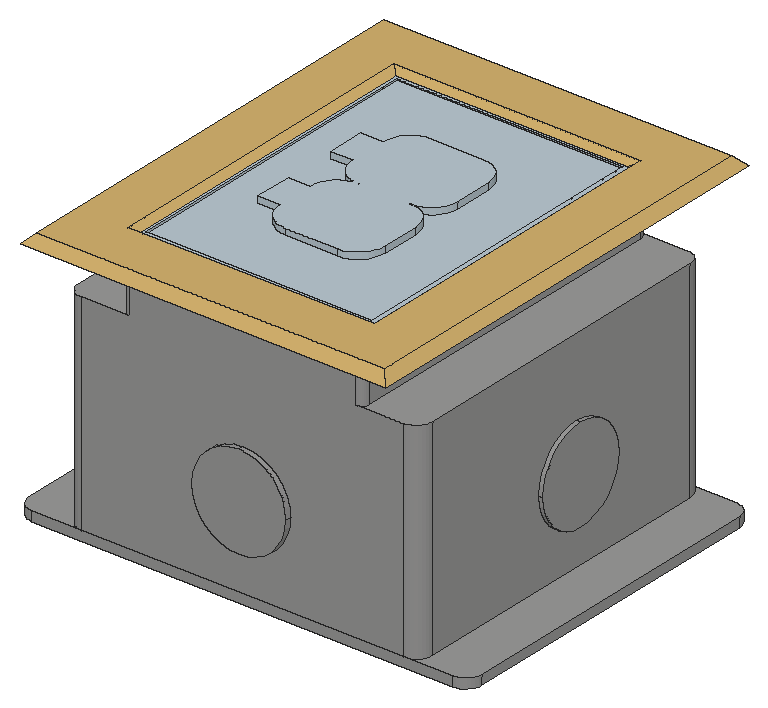
Revit family "Electrical_Equipment-Floor_Box-Hubbell_Wiring-1_Gang-Rectangular_Stamped_Steel-B2431", category Electrical Fixtures, host Face, Revit 2015
Parameters (values of type "BA2431 - 1 Gang - Aluminum Collar")
  Unit Height [instance] = 0' - 3 23/32"  # constant formula
  URL = "http://www.hubbell-wiring.com/"
  Product data url = "https://bimobject.com/hubbellwiring/product/systemone-b2431"
  Product Page URL = "http://ecatalog.hubbell-wiring.com/productinformation/viewcatalog.aspx?Dest=hubbell-wiring.com/press/catalog/L.pdf&Page=4"
  Product Documentation Link = "http://ecatalog.hubbell-wiring.com/press/catalog/L-13.pdf"
  Model = "BA2431"
  Manufacturer = "Hubbell-Wiring"  # constant formula
  Floor Box Type = Stamped Steel Concrete Floor Box : BA2431 - Deep Concrete Floor Box
  Description = "Flush Rectangular Stamped Steel Concrete Floor Box"  # constant formula
  Default Elevation = 0' - 0"
  Cover Type [instance] = Covers : SA3825 - Duplex Flap - Aluminum
  Cover Accessory Type [instance] = Carpet Flange : SA3083 - Carpet Flange - Aluminum
  Construction Note [instance] = "Match Collar Material to Cover"  # constant formula
  Conduit Connector_6 Description = "Conduit 1.25in, 1.0in or 0.75in. Connection"
  Conduit Connector_5 Description = "Conduit 1.25in, 1.0in or 0.75in. Connection"
  Conduit Connector_4 Description = "Conduit 1.25in, 1.0in or 0.75in. Connection"
  Conduit Connector_3 Description = "Conduit 1.25in, 1.0in or 0.75in. Connection"
  Conduit Connector_2 Description = "Conduit 1.25in, 1.0in or 0.75in. Connection"
  Conduit Connector_1 Description = "Conduit 1.25in, 1.0in or 0.75in. Connection"
  Conduit Connector 1 Radius = 0' - 0 5/8"
  Collar Material = Metal-Hubbell-Aluminum
  Box Material = Metal-Hubbell-Stamped Steel
  Assembly Code = "D5020115"
Types (2): name | Model | Floor Box Type | Cover Type | Cover Accessory Type | Collar Material
  B2431 - 1 Gang - Brass Collar | "B2431" | Stamped Steel Concrete Floor Box : B2431 - Deep Concrete Floor Box | Covers : S3825 - Duplex Flap - Brass | Carpet Flange : SB3083 - Carpet Flange - Brass | Metal-Hubbell-Brass
  BA2431 - 1 Gang - Aluminum Collar | "BA2431" | Stamped Steel Concrete Floor Box : BA2431 - Deep Concrete Floor Box | Covers : SA3825 - Duplex Flap - Aluminum | Carpet Flange : SA3083 - Carpet Flange - Aluminum | Metal-Hubbell-Aluminum
Reference planes (in)
  plane 1 "Center (Front/Back)": y = 0
  plane 2: z = 0
  plane 3 "Center (Left/Right)": x = 0
  plane 4: y = -2.078
  plane 5: y = 2.078
  plane 6: x = -1.4965
  plane 7: x = 1.4965
Forms (in)
  Extrusion 1, void, detail levels fine
    sketch origin (0, 0, 0) x (1, 0, 0) y (0, 1, 0)
      loop
        line (-1.4965, 2.078) -> (-1.4965, -2.078) -> (1.4965, -2.078) -> (1.4965, 2.078) -> (-1.4965, 2.078)
    from 0 to -3.71875
Lines and regions (in)
  symbolic lines
    curve 1: line (-2.42578, -3, 0) -> (2.42578, -3, 0)
    curve 2: line (-2.42578, 3, 0) -> (-2.42578, -3, 0)
    curve 3: line (2.42578, 3, 0) -> (-2.42578, 3, 0)
    curve 4: line (2.42578, -3, 0) -> (2.42578, 3, 0)
Dimensions and locks (in)
  locked: host face to nested 3 at 0.04297
  locked: host face to nested 1 at 0.16916
  plane 5 to plane 1 "Center (Front/Back)" to plane 4 = 0' - 2.078" locked, 0' - 2.078" locked
  plane 6 to plane 3 "Center (Left/Right)" to plane 7 = 0' - 1.4965" locked, 0' - 1.4965" locked
  Extrusion 1 to plane 3 "Center (Left/Right)" = 0' - 1.4965"
  aligned and locked: plane 2 to host face
  aligned and locked: level to host face
  aligned: level to Extrusion 1
  aligned and locked: plane 1 "Center (Front/Back)" to nested 1
  aligned: plane 2 to nested 1  (x4)
  aligned: Extrusion 1 to nested 1  (x7)
  aligned and locked: plane 1 "Center (Front/Back)" to nested 2
  aligned and locked: plane 3 "Center (Left/Right)" to nested 2
  aligned and locked: plane 3 "Center (Left/Right)" to nested 1
  aligned: nested 2 to plane 2  (x2)
  aligned: nested 2 to Extrusion 1
  aligned: nested 1 to Extrusion 1  (x2)
  aligned: Extrusion 1 to nested 2
  aligned and locked: nested 2 to plane 2
  aligned and locked: host face to Extrusion 1
  aligned and locked: plane 3 "Center (Left/Right)" to nested 3
  aligned and locked: plane 1 "Center (Front/Back)" to nested 3
  aligned and locked: Extrusion 1 to plane 5
  aligned and locked: Extrusion 1 to plane 4
  aligned and locked: plane 6 to Extrusion 1
  aligned and locked: plane 7 to Extrusion 1
  aligned and locked: nested 1 to Extrusion 1
  aligned and locked: curve 1 to nested 2
  aligned and locked: curve 2 to nested 2
  aligned and locked: curve 3 to nested 2
  aligned and locked: curve 4 to nested 2
Nested families (in)
  nested 1: "Stamped Steel Concrete Floor Box" at (0, 0, 0), Unit Height <- "Unit Height", type "B2431 - Deep Concrete Floor Box"
    with Unit Height 0' - 3 23/32"
  nested 2: "Carpet Flange" at (0, 0, 0), type <- "Cover Accessory Type", type "SA3083 - Carpet Flange - Aluminum"
  nested 3: "Covers" at (0, 0, -0.04297), type <- "Cover Type", type "SA3825 - Duplex Flap - Aluminum"
Connectors (in)
  cabletrayconduit at (0, -2.4075, -2.46875), diameter 1.25, driven by "Conduit Connector 1 Radius", driven by "Conduit Connector_1 Description"
    settings: on nested 1, index 1, connector width 1' - 0", connector height 1' - 0", connector angle 0.00°, system type 32, placement type 0, profile type 0, connector reference index -1, is primary connector yes, connector utility param no, connector description "Conduit 1.25in, 1.0in or 0.75in. Connection"
  cabletrayconduit at (2.40556, 0.25, -2.46875), diameter 1.25, driven by "Conduit Connector 1 Radius", driven by "Conduit Connector_2 Description"
    settings: on nested 1, index 2, connector width 1' - 0", connector height 1' - 0", connector angle 0.00°, system type 32, placement type 0, profile type 0, connector reference index -1, is primary connector no, connector utility param no, connector description "Conduit 1.25in, 1.0in or 0.75in. Connection"
  cabletrayconduit at (0, 2.4075, -2.46875), diameter 1.25, driven by "Conduit Connector 1 Radius", driven by "Conduit Connector_3 Description"
    settings: on nested 1, index 3, connector width 1' - 0", connector height 1' - 0", connector angle 0.00°, system type 32, placement type 0, profile type 0, connector reference index -1, is primary connector no, connector utility param no, connector description "Conduit 1.25in, 1.0in or 0.75in. Connection"
  cabletrayconduit at (-2.40944, 0, -2.46875), diameter 1.25, driven by "Conduit Connector 1 Radius", driven by "Conduit Connector_4 Description"
    settings: on nested 1, index 4, connector width 1' - 0", connector height 1' - 0", connector angle 0.00°, system type 32, placement type 0, profile type 0, connector reference index -1, is primary connector no, connector utility param no, connector description "Conduit 1.25in, 1.0in or 0.75in. Connection"
  cabletrayconduit at (-1.30931, 0, -3.78125), diameter 1.25, driven by "Conduit Connector 1 Radius"
    settings: on nested 1, index 5, connector width 1' - 0", connector height 1' - 0", connector angle 0.00°, system type 32, placement type 0, profile type 0, connector reference index -1, is primary connector no, connector utility param no, connector description ""
  cabletrayconduit at (1.30931, 0, -3.78125), diameter 1.25, driven by "Conduit Connector 1 Radius"
    settings: on nested 1, index 6, connector width 1' - 0", connector height 1' - 0", connector angle 0.00°, system type 32, placement type 0, profile type 0, connector reference index -1, is primary connector no, connector utility param no, connector description ""
Definition of nested family "Stamped Steel Concrete Floor Box"
  Parameters
    Unit Height [instance] = 0' - 3 23/32"  # constant formula
    Cover Material = none
    Conduit Connector Offset = 0' - 1 1/4"  # constant formula
    Conduit Connector 1 Radius = 0' - 0 5/8"
    Can Material = none
    Assembly Code = ""
  Reference planes (in)
    plane 1 "Center (Front/Back)": y = 0
    plane 2: z = 0
    plane 3 "Center (Left/Right)": x = 0
    plane 4: z = -3.71875
    plane 5: z = -2.46875
    plane 6: z = -0.82416
    plane 7: z = -3.59375
  Forms (in)
    Extrusion 1, solid, material <- "Can Material"
      sketch origin (0, 0, 0) x (1, 0, 0) y (0, 0, -1)
        loop
          arc (-0.625, 2.46875) -> (-0.44194, 2.02681) -> (0, 1.84375) r 0.625
          arc (0, 1.84375) -> (0.44194, 2.02681) -> (0.625, 2.46875) r 0.625
          arc (0.625, 2.46875) -> (0.44194, 2.91069) -> (0, 3.09375) r 0.625
          arc (0, 3.09375) -> (-0.44194, 2.91069) -> (-0.625, 2.46875) r 0.625
      from -2.13518 to -2.4075
    Extrusion 2, solid, material <- "Can Material"
      sketch origin (0, 0, 0) x (1, 0, 0) y (0, 0, 1)
        loop
          arc (-0.625, -2.46875) -> (-0.44194, -2.91069) -> (0, -3.09375) r 0.625
          arc (0, -3.09375) -> (0.44194, -2.91069) -> (0.625, -2.46875) r 0.625
          arc (0.625, -2.46875) -> (0.44194, -2.02681) -> (0, -1.84375) r 0.625
          arc (0, -1.84375) -> (-0.44194, -2.02681) -> (-0.625, -2.46875) r 0.625
      from -2.345 to -2.4075
    Extrusion 3, solid, material <- "Can Material"
      sketch origin (0.07413, 0, 0) x (0, 1, 0) y (0, 0, -1)
        loop
          arc (-0.375, 2.46875) -> (-0.19194, 2.02681) -> (0.25, 1.84375) r 0.625
          arc (0.25, 1.84375) -> (0.69194, 2.02681) -> (0.875, 2.46875) r 0.625
          arc (0.875, 2.46875) -> (0.69194, 2.91069) -> (0.25, 3.09375) r 0.625
          arc (0.25, 3.09375) -> (-0.19194, 2.91069) -> (-0.375, 2.46875) r 0.625
      from -2.26893 to -2.33143
    Extrusion 4, solid, material <- "Can Material"
      sketch origin (0, 0, 0) x (0, 1, 0) y (0, 0, 1)
        loop
          arc (-0.625, -2.46875) -> (-0.44194, -2.91069) -> (0, -3.09375) r 0.625
          arc (0, -3.09375) -> (0.44194, -2.91069) -> (0.625, -2.46875) r 0.625
          arc (0.625, -2.46875) -> (0.44194, -2.02681) -> (0, -1.84375) r 0.625
          arc (0, -1.84375) -> (-0.44194, -2.02681) -> (-0.625, -2.46875) r 0.625
      from -2.34694 to -2.40944
    Extrusion 5, solid, material <- "Cover Material"
      sketch origin (0, 0, 0.22509) x (1, 0, 0) y (0, 1, 0)
        loop
          line (-1.4965, 2.078) -> (-1.4965, -2.078) -> (1.4965, -2.078) -> (1.4965, 2.078) -> (-1.4965, 2.078)
        loop
          arc (-1.49742, 2.345) -> (-1.57311, 2.31365) -> (-1.60446, 2.23796) r 0.10704
          line (-1.60446, 2.23796) -> (-1.60446, -2.23167)
          arc (-1.60446, -2.23167) -> (-1.57315, -2.30726) -> (-1.49756, -2.33857) r 0.1069
          line (-1.49756, -2.33857) -> (1.49823, -2.33857)
          arc (1.49823, -2.33857) -> (1.56869, -2.30939) -> (1.59787, -2.23893) r 0.09964
          line (1.59787, -2.23893) -> (1.59787, 2.24543)
          arc (1.59787, 2.24543) -> (1.56871, 2.31584) -> (1.4983, 2.345) r 0.09957
          line (1.4983, 2.345) -> (-1.49742, 2.345)
      from -0.39425 to -0.22509
    Extrusion 6, solid, material <- "Can Material"
      sketch origin (0.92025, 0.30752, 7.9375) x (1, 0, 0) y (0, 1, 0)
        loop
          arc (-3.05737, 2.03748) -> (-3.20573, 1.97602) -> (-3.26719, 1.82766) r 0.20982
          line (-3.26719, 1.82766) -> (-3.26719, -2.43885)
          arc (-3.26719, -2.43885) -> (-3.20649, -2.5854) -> (-3.05994, -2.6461) r 0.20725
          line (-3.05994, -2.6461) -> (1.20405, -2.6461)
          arc (1.20405, -2.6461) -> (1.35706, -2.58272) -> (1.42044, -2.42971) r 0.21639
          line (1.42044, -2.42971) -> (1.42044, 1.83391)
          arc (1.42044, 1.83391) -> (1.36082, 1.97785) -> (1.21687, 2.03748) r 0.20357
          line (1.21687, 2.03748) -> (-3.05737, 2.03748)
      from -11.53125 to -8.76166
    Extrusion 7, solid, material <- "Can Material"
      sketch origin (0, 0, 7.9375) x (1, 0, 0) y (0, 1, 0)
        loop
          line (-1.4965, 2.078) -> (-1.4965, -2.078) -> (1.4965, -2.078) -> (1.4965, 2.078) -> (-1.4965, 2.078)
        loop
          line (-1.60446, 2.23796) -> (-1.60446, -2.23167)
          arc (-1.60446, -2.23167) -> (-1.57315, -2.30726) -> (-1.49756, -2.33857) r 0.1069
          line (-1.49756, -2.33857) -> (1.49823, -2.33857)
          arc (1.49823, -2.33857) -> (1.56869, -2.30939) -> (1.59787, -2.23893) r 0.09964
          line (1.59787, -2.23893) -> (1.59787, 2.24543)
          arc (1.59787, 2.24543) -> (1.56871, 2.31584) -> (1.4983, 2.345) r 0.09957
          line (1.4983, 2.345) -> (-1.49742, 2.345)
          arc (-1.49742, 2.345) -> (-1.57311, 2.31365) -> (-1.60446, 2.23796) r 0.10704
      from -8.76166 to -8.10666
    Extrusion 8, solid, material <- "Cover Material"
      sketch origin (0, 0, 0) x (1, 0, 0) y (0, 1, 0)
        loop
          arc (-1.49742, 2.345) -> (-1.57311, 2.31365) -> (-1.60446, 2.23796) r 0.10704
          line (-1.60446, 2.23796) -> (-1.60446, -2.23167)
          arc (-1.60446, -2.23167) -> (-1.57315, -2.30726) -> (-1.49756, -2.33857) r 0.1069
          line (-1.49756, -2.33857) -> (1.49823, -2.33857)
          arc (1.49823, -2.33857) -> (1.56869, -2.30939) -> (1.59787, -2.23893) r 0.09964
          line (1.59787, -2.23893) -> (1.59787, 2.24543)
          arc (1.59787, 2.24543) -> (1.56871, 2.31584) -> (1.4983, 2.345) r 0.09957
          line (1.4983, 2.345) -> (-1.49742, 2.345)
        loop
          line (-1.4965, 2.078) -> (-1.4965, -2.078) -> (1.4965, -2.078) -> (1.4965, 2.078) -> (-1.4965, 2.078)
      from 0 to 0.0625
    Extrusion 9, solid, material <- "Can Material"
      sketch origin (0.92025, 0.30752, 7.9375) x (1, 0, 0) y (0, 1, 0)
        loop
          arc (-3.71356, 2.03748) -> (-3.86192, 1.97602) -> (-3.92337, 1.82766) r 0.20982
          line (-3.92337, 1.82766) -> (-3.92337, -2.43885)
          arc (-3.92337, -2.43885) -> (-3.86267, -2.5854) -> (-3.71613, -2.6461) r 0.20725
          line (-3.71613, -2.6461) -> (1.86024, -2.6461)
          arc (1.86024, -2.6461) -> (2.01325, -2.58272) -> (2.07663, -2.42971) r 0.21639
          line (2.07663, -2.42971) -> (2.07663, 1.83391)
          arc (2.07663, 1.83391) -> (2.017, 1.97785) -> (1.87306, 2.03748) r 0.20357
          line (1.87306, 2.03748) -> (-3.71356, 2.03748)
      from -11.65625 to -11.53125
    Extrusion 10, solid
      sketch origin (-1.30931, 0, 0) x (1, 0, 0) y (0, 1, 0)
        loop
          circle (0, 0) r 0.625
      from -3.71875 to -3.78125
    Extrusion 11, solid
      sketch origin (1.30931, 0, 0) x (-1, 0, 0) y (0, -1, 0)
        loop
          circle (0, 0) r 0.625
      from -3.71875 to -3.78125
  Cuts and joins
    joined: Extrusion 1, Extrusion 2, Extrusion 3, Extrusion 4, Extrusion 6, Extrusion 7
    joined: Extrusion 5, Extrusion 8
  Dimensions and locks (in)
    "Conduit Connector Offset": plane 5 to plane 4
    "Unit Height": level to plane 4
    locked: plane 7 to plane 4 at 0.125
    "Conduit Connector 1 Radius": radius of Extrusion 1 sketch curve
    "Conduit Connector 1 Radius": radius of Extrusion 2 sketch curve
    "Conduit Connector 1 Radius": radius of Extrusion 3 sketch curve
    "Conduit Connector 1 Radius": radius of Extrusion 4 sketch curve
    "Conduit Connector 1 Radius": radius of Extrusion 10 sketch curve
    "Conduit Connector 1 Radius": radius of Extrusion 11 sketch curve
    aligned and locked: plane 2 to level
    aligned: cut or joined group of Extrusion 1, Extrusion 2, Extrusion 3, Extrusion 4, Extrusion 6, Extrusion 7 to cut or joined group of Extrusion 1, Extrusion 2, Extrusion 3, Extrusion 4, Extrusion 6, Extrusion 7  (x4)
    aligned: plane 2 to Extrusion 5
    aligned: Extrusion 6 to cut or joined group of Extrusion 1, Extrusion 2, Extrusion 3, Extrusion 4, Extrusion 6, Extrusion 7
    aligned: plane 4 to Extrusion 6
    aligned and locked: level to Extrusion 5
    aligned: cut or joined group of Extrusion 1, Extrusion 2, Extrusion 3, Extrusion 4, Extrusion 6, Extrusion 7 to plane 4  (x6)
    aligned: cut or joined group of Extrusion 1, Extrusion 2, Extrusion 3, Extrusion 4, Extrusion 6, Extrusion 7 to Extrusion 5
    aligned: plane 5 to Extrusion 6
    aligned: Extrusion 7 to plane 5
    aligned: plane 5 to cut or joined group of Extrusion 1, Extrusion 2, Extrusion 3, Extrusion 4, Extrusion 6, Extrusion 7
    aligned and locked: Extrusion 5 to Extrusion 7
    aligned: Extrusion 7 to plane 6
    aligned: Extrusion 6 to Extrusion 7
    aligned and locked: cut or joined group of Extrusion 1, Extrusion 2, Extrusion 3, Extrusion 4, Extrusion 6, Extrusion 7 to cut or joined group of Extrusion 1, Extrusion 2, Extrusion 3, Extrusion 4, Extrusion 6, Extrusion 7  (x2)
    aligned: plane 1 "Center (Front/Back)" to cut or joined group of Extrusion 1, Extrusion 2, Extrusion 3, Extrusion 4, Extrusion 6, Extrusion 7
    aligned and locked: Extrusion 9 to plane 4
    aligned and locked: plane 7 to Extrusion 9
    aligned and locked: cut or joined group of Extrusion 1, Extrusion 2, Extrusion 3, Extrusion 4, Extrusion 6, Extrusion 7 to plane 7
    aligned and locked: plane 4 to Extrusion 11
    aligned and locked: plane 4 to Extrusion 10
  Automatic sketch dimensions
    Extrusion 1 sketch curve to Extrusion 1 sketch curve = 0' - 0"
    Extrusion 1 sketch curve to plane 5 = 0' - 0"
    Extrusion 1 sketch curve to plane 3 "Center (Left/Right)" = 0' - 0"
    Extrusion 2 sketch curve to Extrusion 2 sketch curve = 0' - 0"
    Extrusion 2 sketch curve to plane 5 = 0' - 0"
    Extrusion 2 sketch curve to plane 3 "Center (Left/Right)" = 0' - 0"
    Extrusion 3 sketch curve to Extrusion 3 sketch curve = 0' - 0"
    Extrusion 3 sketch curve to plane 5 = 0' - 0"
    plane 1 "Center (Front/Back)" to Extrusion 3 sketch curve = 0' - 0 3/8"
    Extrusion 4 sketch curve to Extrusion 4 sketch curve = 0' - 0"
    Extrusion 4 sketch curve to plane 5 = 0' - 0"
    Extrusion 4 sketch curve to plane 1 "Center (Front/Back)" = 0' - 0"
    Extrusion 5 sketch curve to plane 3 "Center (Left/Right)" = 0' - 1.60446"
    Extrusion 5 sketch curve to Extrusion 5 sketch curve = 0' - 0.1069"
    Extrusion 5 sketch curve to Extrusion 5 sketch curve = 0' - 0.10704"
    Extrusion 5 sketch curve to Extrusion 5 sketch curve = 0' - 0.00106"
    plane 3 "Center (Left/Right)" to Extrusion 5 sketch curve = 0' - 1.4965"
    Extrusion 5 sketch curve to Extrusion 5 sketch curve = 0' - 0.00173"
    Extrusion 5 sketch curve to Extrusion 5 sketch curve = 0' - 0.0018"
    Extrusion 5 sketch curve to Extrusion 5 sketch curve = 0' - 0.09964"
    plane 1 "Center (Front/Back)" to Extrusion 5 sketch curve = 0' - 2.33857"
    Extrusion 5 sketch curve to Extrusion 5 sketch curve = 0' - 0.16093"
    Extrusion 5 sketch curve to plane 1 "Center (Front/Back)" = 0' - 2.078"
    Extrusion 5 sketch curve to Extrusion 5 sketch curve = 0' - 0.15996"
    Extrusion 6 sketch curve to plane 3 "Center (Left/Right)" = 0' - 2.34694"
    Extrusion 6 sketch curve to Extrusion 6 sketch curve = 0' - 0.20725"
    Extrusion 6 sketch curve to Extrusion 6 sketch curve = 0' - 0.20982"
    plane 3 "Center (Left/Right)" to Extrusion 6 sketch curve = 0' - 2.1243"
    plane 3 "Center (Left/Right)" to Extrusion 6 sketch curve = 0' - 2.13712"
    Extrusion 6 sketch curve to Extrusion 6 sketch curve = 0' - 0.20357"
    plane 1 "Center (Front/Back)" to Extrusion 6 sketch curve = 0' - 2.33857"
    Extrusion 6 sketch curve to plane 1 "Center (Front/Back)" = 0' - 2.13518"
    Extrusion 7 sketch curve to plane 3 "Center (Left/Right)" = 0' - 1.60446"
    Extrusion 7 sketch curve to Extrusion 7 sketch curve = 0' - 0.1069"
    Extrusion 7 sketch curve to Extrusion 7 sketch curve = 0' - 0.10704"
    Extrusion 7 sketch curve to Extrusion 7 sketch curve = 0' - 0.00106"
    plane 3 "Center (Left/Right)" to Extrusion 7 sketch curve = 0' - 1.4965"
    Extrusion 7 sketch curve to Extrusion 7 sketch curve = 0' - 0.00173"
    Extrusion 7 sketch curve to Extrusion 7 sketch curve = 0' - 0.0018"
    Extrusion 7 sketch curve to Extrusion 7 sketch curve = 0' - 0.09964"
    plane 1 "Center (Front/Back)" to Extrusion 7 sketch curve = 0' - 2.33857"
    Extrusion 7 sketch curve to Extrusion 7 sketch curve = 0' - 0.15367"
    Extrusion 7 sketch curve to plane 1 "Center (Front/Back)" = 0' - 2.078"
    Extrusion 7 sketch curve to Extrusion 7 sketch curve = 0' - 0.15996"
    Extrusion 8 sketch curve to plane 3 "Center (Left/Right)" = 0' - 1.60446"
    Extrusion 8 sketch curve to Extrusion 8 sketch curve = 0' - 0.1069"
    Extrusion 8 sketch curve to Extrusion 8 sketch curve = 0' - 0.10704"
    Extrusion 8 sketch curve to Extrusion 8 sketch curve = 0' - 0.00092"
    plane 3 "Center (Left/Right)" to Extrusion 8 sketch curve = 0' - 1.4965"
    Extrusion 8 sketch curve to Extrusion 8 sketch curve = 0' - 0.00173"
    Extrusion 8 sketch curve to Extrusion 8 sketch curve = 0' - 0.0018"
    Extrusion 8 sketch curve to Extrusion 8 sketch curve = 0' - 0.09957"
    plane 1 "Center (Front/Back)" to Extrusion 8 sketch curve = 0' - 2.33857"
    Extrusion 8 sketch curve to Extrusion 8 sketch curve = 0' - 0.15367"
    Extrusion 8 sketch curve to plane 1 "Center (Front/Back)" = 0' - 2.078"
    Extrusion 8 sketch curve to Extrusion 8 sketch curve = 0' - 0.15996"
    Extrusion 9 sketch curve to plane 3 "Center (Left/Right)" = 0' - 3.00312"
    Extrusion 9 sketch curve to Extrusion 9 sketch curve = 0' - 0.20725"
    Extrusion 9 sketch curve to Extrusion 9 sketch curve = 0' - 0.20982"
    plane 3 "Center (Left/Right)" to Extrusion 9 sketch curve = 0' - 2.78049"
    plane 3 "Center (Left/Right)" to Extrusion 9 sketch curve = 0' - 2.79331"
    Extrusion 9 sketch curve to Extrusion 9 sketch curve = 0' - 0.20357"
    plane 1 "Center (Front/Back)" to Extrusion 9 sketch curve = 0' - 2.33857"
    Extrusion 9 sketch curve to plane 1 "Center (Front/Back)" = 0' - 2.13518"
    plane 1 "Center (Front/Back)" to Extrusion 10 sketch curve = 0' - 0"
    Extrusion 10 sketch curve to plane 3 "Center (Left/Right)" = 0' - 1.30931"
    plane 1 "Center (Front/Back)" to Extrusion 11 sketch curve = 0' - 0"
    plane 3 "Center (Left/Right)" to Extrusion 11 sketch curve = 0' - 1.30931"
Definition of nested family "Carpet Flange"
  Parameters
    Width = 0' - 6"
    Length = 0' - 4 109/128"  # constant formula
    Cover Material = none
    Carpet Flange On = yes
    Assembly Code = ""
  Reference planes (in)
    plane 1 "Center (Front/Back)": y = 0
    plane 2: z = 0
    plane 3 "Center (Left/Right)": x = 0
    plane 4: z = 0.125
  Forms (in)
    Sweep 1, solid, material <- "Cover Material", visible <- "Carpet Flange On"
      path in 3D
        loop
          line (-2.42578, -3, 0) -> (2.42578, -3, 0) -> (2.42578, 3, 0) -> (-2.42578, 3, 0) -> (-2.42578, -3, 0)
      profile origin (-2.42578, 0, 0) x (1, 0, 0) y (0, 0, 1)
        loop
          line (0, 0) -> (0.91498, 0) -> (0.91498, 0.03877) -> (0.79, 0.125) -> (0.125, 0.125) -> (0, 0)
  Lines and regions (in)
    Masking region 1
      outline origin (3.27995, 0.00006, 0) x (1, 0, 0) y (0, 1, 0)
        loop
          line (-5.70573, 3.00006) -> (-5.70573, -3.00006) -> (-0.85417, -3.00006) -> (-0.85417, 3.00006) -> (-5.70573, 3.00006)
    reference lines
      curve 1: line (-2.42578, 3, 0) -> (-2.42578, -3, 0)
      curve 2: line (-2.42578, -3, 0) -> (2.42578, -3, 0)
      curve 3: line (2.42578, -3, 0) -> (2.42578, 3, 0)
      curve 4: line (2.42578, 3, 0) -> (-2.42578, 3, 0)
    sketch lines
      curve 5: line (-2.42578, 3, 0) -> (-2.42578, -3, 0)
      curve 6: line (2.42578, 3, 0) -> (-2.42578, 3, 0)
      curve 7: line (2.42578, -3, 0) -> (2.42578, 3, 0)
      curve 8: line (-2.42578, -3, 0) -> (2.42578, -3, 0)
  Dimensions and locks (in)
    "Length": curve 1 to curve 3
    equal spacing: curve 1, plane 3 "Center (Left/Right)", curve 3
    aligned and locked: plane 2 to level
    aligned and locked: curve 7 to curve 3
    aligned and locked: Masking region 1 to curve 3
    aligned and locked: Masking region 1 to curve 1
    aligned and locked: curve 5 to curve 1
  Automatic sketch dimensions
    plane 1 "Center (Front/Back)" to curve 1 = 0' - 3"
    curve 3 to plane 1 "Center (Front/Back)" = 0' - 3"
    Masking region 1 sketch curve to plane 3 "Center (Left/Right)" = 0' - 2 109/256"
    plane 3 "Center (Left/Right)" to Masking region 1 sketch curve = 0' - 2 109/256"
    plane 1 "Center (Front/Back)" to Masking region 1 sketch curve = 0' - 3"
    Masking region 1 sketch curve to plane 1 "Center (Front/Back)" = 0' - 3.00011"
    profile plane to Sweep 1 sketch curve = 0' - 0"  (x2)
    Sweep 1 sketch curve to plane 4 = 0' - 0"
    Sweep 1 sketch curve to profile plane = 0' - 0"  (x2)
    Sweep 1 sketch curve to profile plane = 0' - 0 1/8"
    Sweep 1 sketch curve to Sweep 1 sketch curve = 0' - 0.665"
    Sweep 1 sketch curve to Sweep 1 sketch curve = 0' - 0 1/8"
    profile plane to Sweep 1 sketch curve = 0' - 0.03877"
Definition of nested family "Covers"
  Parameters
    Style Line Flap = no
    Duplex Screw = no
    Duplex Flap = yes
    Cover Material = none
    Combination Flap = no
    Box = yes
    Assembly Code = ""
  Reference planes (in)
    plane 1 "Center (Front/Back)": y = 0
    plane 2: z = 0
    plane 3 "Center (Left/Right)": x = 0
  Forms (in)
    Extrusion 1, solid, material <- "Cover Material", visible <- "Duplex Flap", detail levels medium+fine
      sketch origin (0, 0, -0.03016) x (1, 0, 0) y (0, 1, 0)
        loop
          arc (-0.34332, 1.20711) -> (-0.59332, 1.10355) -> (-0.69687, 0.85355) r 0.35355
          line (-0.69687, 0.85355) -> (-0.98976, 0.85355) -> (-0.98976, 0.35355) -> (-0.69687, 0.35355)
          arc (-0.69687, 0.35355) -> (-0.59332, 0.10355) -> (-0.34332, 0) r 0.35355
          arc (-0.34332, 0) -> (-0.59332, -0.10355) -> (-0.69687, -0.35355) r 0.35355
          line (-0.69687, -0.35355) -> (-0.98976, -0.35355) -> (-0.98976, -0.85355) -> (-0.69687, -0.85355)
          arc (-0.69687, -0.85355) -> (-0.59332, -1.10355) -> (-0.34332, -1.20711) r 0.35355
          line (-0.34332, -1.20711) -> (0.34332, -1.20711)
          arc (0.34332, -1.20711) -> (0.59332, -1.10355) -> (0.69687, -0.85355) r 0.35355
          line (0.69687, -0.85355) -> (0.69687, -0.35355)
          arc (0.69687, -0.35355) -> (0.59332, -0.10355) -> (0.34332, 0) r 0.35355
          arc (0.34332, 0) -> (0.59332, 0.10355) -> (0.69687, 0.35355) r 0.35355
          line (0.69687, 0.35355) -> (0.69687, 0.85355)
          arc (0.69687, 0.85355) -> (0.59332, 1.10355) -> (0.34332, 1.20711) r 0.35355
          line (0.34332, 1.20711) -> (-0.34332, 1.20711)
      from 0.12 to 0.20228
    Extrusion 2, solid, material <- "Cover Material", visible <- "Combination Flap", detail levels medium+fine
      sketch origin (0.0053, 0, -0.03016) x (1, 0, 0) y (0, 1, 0)
        loop
          circle (0, 0) r 1
        loop
          line (-0.08565, 0.54465) -> (-0.08565, -0.54465) -> (0.0625, -0.54465) -> (0.0625, 0.54465) -> (-0.08565, 0.54465)
      from 0.12 to 0.20228
    Extrusion 3, solid, material <- "Cover Material", visible <- "Duplex Screw", detail levels medium+fine
      sketch origin (0.01567, 0.75003, -0.03016) x (1, 0, 0) y (0, 1, 0)
        loop
          circle (-0.01567, -0.00003) r 0.75
        loop
          line (-0.07309, 0.39733) -> (-0.07309, -0.41965) -> (0.0625, -0.41965) -> (0.0625, 0.39733) -> (-0.07309, 0.39733)
      from 0.12 to 0.20228
    Extrusion 4, solid, material <- "Cover Material", visible <- "Duplex Screw", detail levels medium+fine
      sketch origin (-0.01567, -0.75003, -0.03016) x (-1, 0, 0) y (0, -1, 0)
        loop
          circle (-0.01567, -0.00003) r 0.75
        loop
          line (-0.07309, 0.39733) -> (-0.07309, -0.41965) -> (0.0625, -0.41965) -> (0.0625, 0.39733) -> (-0.07309, 0.39733)
      from 0.12 to 0.20228
    Extrusion 5, solid, material <- "Cover Material", visible <- "Box"
      sketch origin (0, 0, 0.38984) x (1, 0, 0) y (0, 1, 0)
        loop
          line (-1.4965, 2.078) -> (-1.4965, -2.078) -> (1.4965, -2.078) -> (1.4965, 2.078) -> (-1.4965, 2.078)
      from -0.44 to -0.3
    Extrusion 6, solid, material <- "Cover Material", visible <- "Style Line Flap", detail levels medium+fine
      sketch origin (0, 0, -0.03016) x (1, 0, 0) y (0, 1, 0)
        loop
          line (-0.69687, 1.20711) -> (-0.69687, 0.85355) -> (-0.98976, 0.85355) -> (-0.98976, 0.35355) -> (-0.69687, 0.35355) -> (-0.69687, -0.35355) -> (-0.98976, -0.35355) -> (-0.98976, -0.85355) -> (-0.69687, -0.85355) -> (-0.69687, -1.20711) -> (0.69687, -1.20711) -> (0.69687, -0.24767) -> (0.69687, 1.20711) -> (-0.69687, 1.20711)
      from 0.12 to 0.20228
  Lines and regions (in)
    Masking region 1, detail levels medium+fine
      outline origin (0, 0, 0) x (1, 0, 0) y (0, 1, 0)
        loop
          line (-1.4965, 2.078) -> (-1.4965, -2.078) -> (1.4965, -2.078) -> (1.4965, 2.078) -> (-1.4965, 2.078)
    symbolic lines, visible <- "Duplex Screw", detail levels fine
      curve 1: arc (0, 1.5, 0) -> (-0.75, 0.75, 0) -> (0, 0, 0) r 0.75
      curve 2: arc (0, 0, 0) -> (0.75, 0.75, 0) -> (0, 1.5, 0) r 0.75
      curve 3: line (0.07893, 1.16886, 0) -> (0.07893, 0.35188, 0)
      curve 4: line (0.07893, 0.35188, 0) -> (-0.05666, 0.35188, 0)
      curve 5: line (-0.05666, 0.35188, 0) -> (-0.05666, 1.16886, 0)
      curve 6: line (-0.05666, 1.16886, 0) -> (0.07893, 1.16886, 0)
      curve 7: arc (0, 0, 0) -> (-0.75, -0.75, 0) -> (0, -1.5, 0) r 0.75
      curve 8: arc (0, -1.5, 0) -> (0.75, -0.75, 0) -> (0, 0, 0) r 0.75
      curve 9: line (-0.05666, -1.14812, 0) -> (-0.05666, -0.33114, 0)
      curve 10: line (0.07893, -1.14812, 0) -> (-0.05666, -1.14812, 0)
      curve 11: line (0.07893, -0.33114, 0) -> (0.07893, -1.14812, 0)
      curve 12: line (-0.05666, -0.33114, 0) -> (0.07893, -0.33114, 0)
    symbolic lines, visible <- "Duplex Flap", detail levels fine
      curve 13: arc (-0.69687, -0.85355, 0) -> (-0.59332, -1.10355, 0) -> (-0.34332, -1.20711, 0) r 0.35355
      curve 14: line (-0.34332, -1.20711, 0) -> (0.34332, -1.20711, 0)
      curve 15: arc (0.34332, -1.20711, 0) -> (0.59332, -1.10355, 0) -> (0.69687, -0.85355, 0) r 0.35355
      curve 16: line (0.69687, -0.85355, 0) -> (0.69687, -0.35355, 0)
      curve 17: arc (0.69687, -0.35355, 0) -> (0.59332, -0.10355, 0) -> (0.34332, 0, 0) r 0.35355
      curve 18: arc (0.34332, 0, 0) -> (0.59332, 0.10355, 0) -> (0.69687, 0.35355, 0) r 0.35355
      curve 19: line (0.69687, 0.35355, 0) -> (0.69687, 0.85355, 0)
      curve 20: arc (0.69687, 0.85355, 0) -> (0.59332, 1.10355, 0) -> (0.34332, 1.20711, 0) r 0.35355
      curve 21: line (0.34332, 1.20711, 0) -> (-0.34332, 1.20711, 0)
      curve 22: arc (-0.34332, 1.20711, 0) -> (-0.59332, 1.10355, 0) -> (-0.69687, 0.85355, 0) r 0.35355
      curve 23: line (-0.69687, 0.85355, 0) -> (-0.98976, 0.85355, 0)
      curve 24: line (-0.98976, 0.85355, 0) -> (-0.98976, 0.35355, 0)
      curve 25: line (-0.98976, 0.35355, 0) -> (-0.69687, 0.35355, 0)
      curve 26: arc (-0.69687, 0.35355, 0) -> (-0.59332, 0.10355, 0) -> (-0.34332, 0, 0) r 0.35355
      curve 27: arc (-0.34332, 0, 0) -> (-0.59332, -0.10355, 0) -> (-0.69687, -0.35355, 0) r 0.35355
      curve 28: line (-0.69687, -0.35355, 0) -> (-0.98976, -0.35355, 0)
      curve 29: line (-0.98976, -0.35355, 0) -> (-0.98976, -0.85355, 0)
      curve 30: line (-0.98976, -0.85355, 0) -> (-0.69687, -0.85355, 0)
    symbolic lines, visible <- "Combination Flap", detail levels fine
      curve 31: arc (-0.9947, 0, 0) -> (0.0053, -1, 0) -> (1.0053, 0, 0) r 1
      curve 32: arc (1.0053, 0, 0) -> (0.0053, 1, 0) -> (-0.9947, 0, 0) r 1
      curve 33: line (-0.08035, -0.54465, 0) -> (-0.08035, 0.54465, 0)
      curve 34: line (-0.08035, 0.54465, 0) -> (0.0678, 0.54465, 0)
      curve 35: line (0.0678, 0.54465, 0) -> (0.0678, -0.54465, 0)
      curve 36: line (0.0678, -0.54465, 0) -> (-0.08035, -0.54465, 0)
    symbolic lines, visible <- "Style Line Flap", detail levels fine
      curve 37: line (0.69687, 1.20711, 0) -> (-0.69687, 1.20711, 0)
      curve 38: line (-0.69687, 1.20711, 0) -> (-0.69687, 0.85355, 0)
      curve 39: line (-0.69687, 0.85355, 0) -> (-0.98976, 0.85355, 0)
      curve 40: line (-0.98976, 0.85355, 0) -> (-0.98976, 0.35355, 0)
      curve 41: line (-0.98976, 0.35355, 0) -> (-0.69687, 0.35355, 0)
      curve 42: line (-0.69687, 0.35355, 0) -> (-0.69687, -0.35355, 0)
      curve 43: line (-0.69687, -0.35355, 0) -> (-0.98976, -0.35355, 0)
      curve 44: line (-0.98976, -0.35355, 0) -> (-0.98976, -0.85355, 0)
      curve 45: line (-0.98976, -0.85355, 0) -> (-0.69687, -0.85355, 0)
      curve 46: line (-0.69687, -0.85355, 0) -> (-0.69687, -1.20711, 0)
      curve 47: line (-0.69687, -1.20711, 0) -> (0.69687, -1.20711, 0)
      curve 48: line (0.69687, -1.20711, 0) -> (0.69687, -0.24767, 0)
      curve 49: line (0.69687, -0.24767, 0) -> (0.69687, 1.20711, 0)
  Dimensions and locks (in)
    aligned and locked: plane 2 to level
